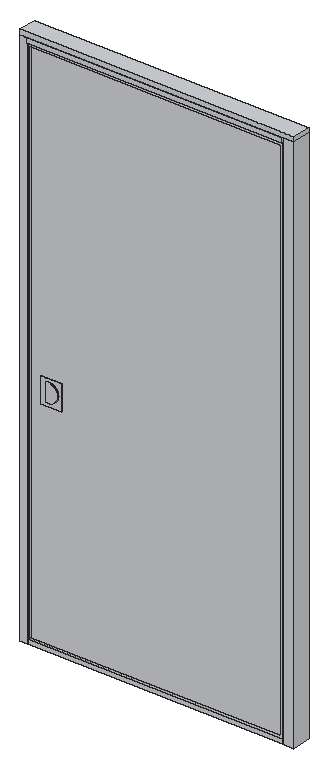
Revit family "Pocket-Panel_Operable-Partition_Moderco_Single", category Doors, Revit 2026
Family settings
  Classification Number = 23.25.40.17
  Work Plane-Based = Yes
  Always vertical = No
  Cut with Voids When Loaded = No
  Shared = No
  Room Calculation Point = No
Parameters (values of type "PN-1")
  Width = 0' - 0"
  Warranty Duration (Years) = 0
  URL = "http://moderco.com/"
  Trim Material [instance] = none
  Threshold Material [instance] = none
  Swing Into Pocket = no
  Swing Away from Pocket = yes
  Specification = "http://www.arcat.com/sdspecs/htm04/10_22_26mpi.htm"
  SpecWizard = ""
  Send Message = ""
  Sales Information = "http://moderco.com/contact/"
  STC Rating [instance] = 0
  Revision = "R1_2015-09"
  Product Properties = ""
  Product Data = "http://www.arcat.com/arcatcos/cos34/arc34266.html"
  Panel Width [instance] = Opening Width - (Jamb_Right + Jamb_Left)  # 4' - 7 7/8"
  Panel Thickness = 0' - 4"
  Panel Height [instance] = Opening Height - 0' 2"  # 9' - 10"
  Opening Width [instance] = 5' - 0"
  Opening Height [instance] = 10' - 0"
  Model = "PN-1"
  Manufacturer Website = "http://moderco.com/"
  Manufacturer Phone - Toll Free = "800-363-3150"
  Manufacturer Phone = "450-641-3150"
  Manufacturer Fax = "450-641-4965 or 800-231-4965"
  Manufacturer Address = "115 de Lauzon   Boucherville, QC, Canada J4B 1E7"
  Manufacturer = "Moderco, Inc"
  Maintenance Schedule (Months) = 0
  Keynote = "10 22 26"
  Jamb_Right = 0' - 2 3/8"
  Jamb_Left = 0' - 1 3/4"
  Interior Finish [instance] = none
  Installation-Fabrication = ""
  Installation Phase = ""
  Include Trim = yes
  Hardware Finish [instance] = none
  Green Building-LEED = ""
  Frame Material [instance] = none
  Expected Lifespan (Years) = 0
  Drawn By = "Sumex Design, Inc. / Robert S. Weygant, CSI, CDT, SCIP"
  Description = "Moderco PN-1 Pocket Door as Specified"
  Default Elevation = 0' - 0"
  Copyright = "©Arcat Inc."
  Construction Type = "Trimed Edges"
  Construction Details = "http://www.arcat.com/details/moderco/moderco.html?coid=34266"
  Assembly Code = "C1010300"
Types (3): name | Swing Into Pocket | Swing Away from Pocket | Panel Width | Model | Jamb_Right | Jamb_Left | Include Trim | Description | Construction Type
  PN-1 | no | yes | 4' - 7 7/8" | "PN-1" | 0' - 2 3/8" | 0' - 1 3/4" | yes | "Moderco PN-1 Pocket Door as Specified" | "Trimed Edges"
  PA-1 | yes | no | 4' - 7 1/2" | "PA-1" | 0' - 2 3/8" | 0' - 2 1/8" | yes | "Moderco PA-1 Pocket Door as Specified" | "Trimed Edges"
  P-1 | yes | no | 4' - 5 1/2" | "P-1" | 0' - 2 1/2" | 0' - 4" | no | "Moderco P-1 Pocket Door as Specified" | "Trimless Edges"
Reference planes (in)
  plane 1 "Center (Front/Back)": y = 0
  plane 2 "Bottom": z = 0
  plane 3 "Center (Left/Right)": x = 0
  plane 4 "Front": y = -2
  plane 5 "Back": y = 2
  plane 6 "Left": x = -30
  plane 7 "Right": x = 30
  plane 8 "Top": z = 120
  plane 9: x = -28.25
  plane 10: x = 27.625
  plane 11: z = 119
  plane 12: z = 118
  plane 13: z = 48.25
  plane 14: z = 45.25
  plane 15: y = 57.875
  plane 16: y = -57.875
Forms (in)
  Extrusion 1, solid, material <- "Frame Material"
    sketch origin (0, 0, 0) x (1, 0, 0) y (0, 1, 0)
      loop
        line (-30, 2.0625) -> (-30, -2.0625) -> (-28.25, -2.0625) -> (-28.25, 2.0625) -> (-30, 2.0625)
      loop
        line (30, 2.0625) -> (27.625, 2.0625) -> (27.625, -2.0625) -> (30, -2.0625) -> (30, 2.0625)
    from 0 to 119
  Extrusion 2, solid, material <- "Threshold Material"
    sketch origin (0, 0, 0) x (0, 1, 0) y (0, 0, 1)
      loop
        line (-2, 119) -> (2, 119) -> (2, 120) -> (-2, 120) -> (-2, 119)
    from -30 to 30
  Extrusion 3, solid, material <- "Frame Material"
    sketch origin (0, 0, 0) x (0, 1, 0) y (0, 0, 1)
      loop
        line (-2.25, 119) -> (-2.25, 118) -> (2.25, 118) -> (2.25, 119) -> (-2.25, 119)
    from -28.25 to 27.625
  Extrusion 4, solid, material <- "Threshold Material"
    sketch origin (0, 0, 0) x (0, 1, 0) y (0, 0, 1)
      loop
        line (-2, 0) -> (2, 0) -> (2, 1) -> (-2, 1) -> (-2, 0)
    from -28.25 to 27.625
  Extrusion 5, solid, material <- "Interior Finish"
    sketch origin (0, 0, 0) x (1, 0, 0) y (0, 0, 1)
      loop
        line (-28.25, 118) -> (-28.25, 1) -> (27.625, 1) -> (27.625, 118) -> (-28.25, 118)
    from -2 to 2
  Extrusion 6, solid, material <- "Hardware Finish"
    sketch origin (-33.85019, 0, 3) x (1, 0, 0) y (0, 0, 1)
      loop
        line (13.10019, 45.25) -> (13.10019, 50.75) -> (8.60019, 50.75) -> (8.60019, 45.25) -> (13.10019, 45.25)
    from 2.125 to 0
  Extrusion 7, solid, material <- "Hardware Finish"
    sketch origin (-33.85019, 0, 3) x (1, 0, 0) y (0, 0, 1)
      loop
        line (9.59454, 50.01542) -> (9.59454, 46.01542)
        arc (9.59454, 46.01542) -> (12.33653, 48.01542) -> (9.59454, 50.01542) r 2.10039
    from 0 to 2.25
  Extrusion 8, solid, material <- "Trim Material", visible <- "Include Trim"
    sketch origin (0, 0, 0) x (1, 0, 0) y (0, 0, 1)
      loop
        line (-28.25, 118) -> (-28.25, 1) -> (27.625, 1) -> (27.625, 118) -> (-28.25, 118)
      loop
        line (27.125, 117.5) -> (-27.75, 117.5) -> (-27.75, 1.5) -> (27.125, 1.5) -> (27.125, 117.5)
    from -2.125 to 2.125
Lines and regions (in)
  model lines, style "DoorsOpeningProjection", visible <- "Swing Into Pocket"
    curve 1: line (27.625, 2, 0) -> (23.625, 2, 0)
    curve 2: line (23.625, 2, 0) -> (23.625, 57.875, 0)
    curve 3: line (23.625, 57.875, 0) -> (27.625, 57.875, 0)
    curve 4: line (27.625, 57.875, 0) -> (27.625, 2, 0)
    curve 5: arc (27.625, 57.875, 0) -> (-11.88459, 41.50959, 0) -> (-28.25, 2, 0) r 55.875
  model lines, style "DoorsOpeningProjection", visible <- "Swing Away from Pocket"
    curve 6: line (27.625, -2, 0) -> (23.625, -2, 0)
    curve 7: line (23.625, -2, 0) -> (23.625, -57.875, 0)
    curve 8: line (23.625, -57.875, 0) -> (27.625, -57.875, 0)
    curve 9: line (27.625, -57.875, 0) -> (27.625, -2, 0)
    curve 10: arc (27.625, -57.875, 0) -> (-11.88459, -41.50959, 0) -> (-28.25, -2, 0) r 55.875
Dimensions and locks (in)
  equal spacing: plane 6 "Left", plane 3 "Center (Left/Right)", plane 7 "Right"
  "Opening Width": plane 6 "Left" to plane 7 "Right"
  equal spacing: plane 5 "Back", plane 1 "Center (Front/Back)", plane 4 "Front"
  "Panel Thickness": plane 5 "Back" to plane 4 "Front"
  locked: Extrusion 1 sketch curve to plane 5 "Back" at 0.0625  (x2)
  locked: plane 4 "Front" to Extrusion 1 sketch curve at 0.0625  (x2)
  "Opening Height": plane 8 "Top" to level
  locked: plane 8 "Top" to plane 11 at 1
  locked: plane 11 to plane 12 at 1
  locked: plane 5 "Back" to Extrusion 3 sketch curve at 0.25
  locked: Extrusion 3 sketch curve to plane 4 "Front" at 0.25
  locked: Extrusion 4 sketch curve to level at 1
  locked: Extrusion 5 sketch curve to level at 1
  locked: plane 13 to level at 48.25
  locked: plane 14 to level at 45.25
  locked: Extrusion 6 sketch curve to Extrusion 6 sketch curve at 5.5
  locked: Extrusion 6 sketch curve to Extrusion 6 sketch curve at 4.5
  locked: plane 9 to Extrusion 6 sketch curve at 3
  plane 9 to Extrusion 7 sketch curve to Extrusion 7 sketch curve = 0' - 3.99435" locked, 0' - 0.6416" locked
  locked: Extrusion 7 sketch curve to plane 13 at 2.76542
  Extrusion 7 sketch curve to Extrusion 7 sketch curve to plane 13 = 0' - 4" locked, 0' - 0.76542" locked
  "Panel Width": plane 15 to plane 5 "Back"
  "Jamb_Left": plane 6 "Left" to plane 9
  "Jamb_Right": plane 10 to plane 7 "Right"
  "Panel Width": plane 4 "Front" to plane 16
  Extrusion 8 sketch curve to Extrusion 8 sketch curve to level = 0' - 0 1/2" locked, 0' - 1" locked
  Extrusion 8 sketch curve to plane 10 to Extrusion 8 sketch curve = 0' - 0 1/2" locked, 0' - 0" locked
  plane 9 to Extrusion 8 sketch curve to Extrusion 8 sketch curve = 0' - 0" locked, 0' - 0 1/2" locked
  plane 12 to Extrusion 8 sketch curve to Extrusion 8 sketch curve = 0' - 0" locked, 0' - 0 1/2" locked
  aligned and locked: Extrusion 1 sketch curve to plane 6 "Left"
  aligned and locked: Extrusion 1 sketch curve to plane 7 "Right"
  aligned and locked: plane 11 to Extrusion 1
  aligned and locked: Extrusion 2 sketch curve to plane 4 "Front"
  aligned and locked: plane 5 "Back" to Extrusion 2 sketch curve
  aligned and locked: Extrusion 2 sketch curve to plane 11
  aligned and locked: plane 8 "Top" to Extrusion 2 sketch curve
  aligned and locked: plane 7 "Right" to Extrusion 2
  aligned and locked: Extrusion 2 to plane 6 "Left"
  aligned and locked: plane 12 to Extrusion 3 sketch curve
  aligned and locked: Extrusion 3 sketch curve to plane 11
  aligned and locked: plane 10 to Extrusion 3
  aligned and locked: Extrusion 3 to plane 9
  aligned and locked: Extrusion 4 sketch curve to plane 4 "Front"
  aligned and locked: plane 5 "Back" to Extrusion 4 sketch curve
  aligned and locked: Extrusion 4 sketch curve to level
  aligned and locked: Extrusion 4 to plane 10
  aligned and locked: plane 9 to Extrusion 4
  aligned and locked: Extrusion 5 sketch curve to plane 9
  aligned and locked: Extrusion 5 sketch curve to plane 10
  aligned and locked: Extrusion 5 sketch curve to plane 12
  aligned and locked: plane 5 "Back" to Extrusion 5
  aligned and locked: Extrusion 5 to plane 4 "Front"
  aligned and locked: curve 3 to plane 15
  aligned and locked: curve 1 to plane 5 "Back"
  aligned and locked: curve 5 to plane 10
  aligned and locked: plane 5 "Back" to curve 5
  aligned and locked: plane 9 to curve 5
Automatic sketch dimensions
  Extrusion 6 sketch curve to plane 13 = 0' - 0"
  curve 10 to plane 4 "Front" = 0' - 0"
  curve 10 to plane 9 = 0' - 0"
  plane 4 "Front" to curve 7 = 0' - 0"
  curve 6 to plane 10 = 0' - 0"
  curve 2 to curve 3 = 0' - 4"
  curve 7 to curve 1 = 0' - 0"
  Extrusion 1 sketch curve to plane 9 = 0' - 0"
  Extrusion 1 sketch curve to plane 10 = 0' - 0"
